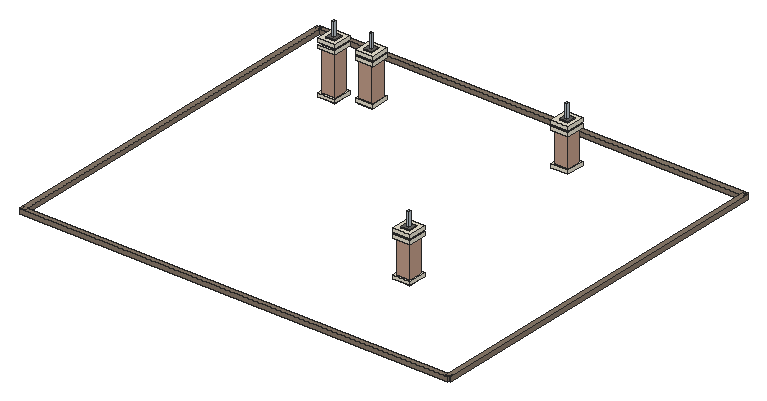
Revit family "AM_Detail_08_Terracotta_roofs_and_chimneys", category Generic Models, Revit 2025
Family settings
  Can host rebar = No
  Round Connector Dimension = Use Diameter
  Part Type = Normal
  Work Plane-Based = No
  Always vertical = Yes
  Cut with Voids When Loaded = No
  Maintain Annotation Orientation = No
  Shared = No
  Room Calculation Point = No
Parameters (values of type "Original geometry")
  Description = "AM v1.0.0 architectural ornament. Editable native extrusion sketches; fixed photographic geometry. Not a structural wall/window/roof substitute."
  Default Elevation = 0 mm
Reference planes
  plane 1 "Center (Front/Back)": y = 0
  plane 2: z = 0
  plane 3 "Center (Left/Right)": x = 0
Forms (mm)
  Extrusion 1, solid, material "AM Aged chestnut timber"
    sketch origin (-7550, -6600, 10150) x (0, 1, 0) y (0, 0, 1)
      loop
        line (0, 0) -> (160, 0) -> (160, 160) -> (0, 160) -> (0, 0)
    from 0 to 15100
  Extrusion 2, solid, material "AM Aged chestnut timber"
    sketch origin (7550, 6599.999, 10150) x (0, -1, 0) y (0, 0, 1)
      loop
        line (0, 0) -> (160, 0) -> (160, 160) -> (0, 160) -> (0, 0)
    from 0 to 15100
  Extrusion 3, solid, material "AM Aged chestnut timber"
    sketch origin (7600, -6550, 10150) x (0, 0, 1) y (1, 0, 0)
      loop
        line (0, 0) -> (0, -160) -> (160.001, -160) -> (160.001, 0) -> (0, 0)
    from 0 to 13100
  Extrusion 4, solid, material "AM Aged chestnut timber"
    sketch origin (-7600, 6550, 10150.001) x (0, 0, -1) y (1, 0, 0)
      loop
        line (0, 0) -> (0, 160) -> (-160, 160) -> (-160, 0) -> (0, 0)
    from 0 to 13100
  Extrusion 5, solid, material "AM Faded terracotta masonry"
    sketch origin (-4230, 2555, 10950) x (1, 0, 0) y (0, 1, 0)
      loop
        line (0, 0) -> (460, 0) -> (460, 490) -> (0, 490) -> (0, 0)
    from 0 to 1850
  Extrusion 6, solid, material "AM Ivory carved stone"
    sketch origin (-4300, 2485, 11009.999) x (1, 0, 0) y (0, 1, 0)
      loop
        line (0, 0) -> (600, 0) -> (600, 630) -> (0, 630) -> (0, 0)
    from 0 to 120.001
  Extrusion 7, solid, material "AM Ivory carved stone"
    sketch origin (-4300, 2485, 12540) x (1, 0, 0) y (0, 1, 0)
      loop
        line (0, 0) -> (600, 0) -> (600, 630) -> (0, 630) -> (0, 0)
    from 0 to 120.001
  Extrusion 8, solid, material "AM Ivory carved stone"
    sketch origin (-4300, 2485, 12740) x (1, 0, 0) y (0, 1, 0)
      loop
        line (0, 0) -> (600, 0) -> (600, 630) -> (0, 630) -> (0, 0)
    from 0 to 120.001
  Extrusion 9, solid, material "AM Interior shadow"
    sketch origin (-4145, 2645, 12861) x (1, 0, 0) y (0, 1, 0)
      loop
        line (0, 0) -> (290, 0) -> (290, 310) -> (0, 310) -> (0, 0)
    from 0 to 28
  Extrusion 10, solid, material "AM Weathered blue grey zinc"
    sketch origin (-3965, 2835, 12900) x (1, 0, 0) y (0, 1, 0)
      loop
        line (0, 0) -> (-70, 0) -> (-70, -70) -> (0, -70) -> (0, 0)
    from 0 to 470.001
  Extrusion 11, solid, material "AM Faded terracotta masonry"
    sketch origin (-3230, 2955, 10950) x (1, 0, 0) y (0, 1, 0)
      loop
        line (0, 0) -> (460, 0) -> (460, 490) -> (0, 490) -> (0, 0)
    from 0 to 1650
  Extrusion 12, solid, material "AM Ivory carved stone"
    sketch origin (-3300, 2885, 11009.999) x (1, 0, 0) y (0, 1, 0)
      loop
        line (0, 0) -> (600, 0) -> (600, 630) -> (0, 630) -> (0, 0)
    from 0 to 120.001
  Extrusion 13, solid, material "AM Ivory carved stone"
    sketch origin (-3300, 2885, 12339.999) x (1, 0, 0) y (0, 1, 0)
      loop
        line (0, 0) -> (600, 0) -> (600, 630) -> (0, 630) -> (0, 0)
    from 0 to 120.001
  Extrusion 14, solid, material "AM Ivory carved stone"
    sketch origin (-3300, 2885, 12540) x (1, 0, 0) y (0, 1, 0)
      loop
        line (0, 0) -> (600, 0) -> (600, 630) -> (0, 630) -> (0, 0)
    from 0 to 120.001
  Extrusion 15, solid, material "AM Interior shadow"
    sketch origin (-3145, 3045, 12661) x (1, 0, 0) y (0, 1, 0)
      loop
        line (0, 0) -> (290, 0) -> (290, 310) -> (0, 310) -> (0, 0)
    from 0 to 28
  Extrusion 16, solid, material "AM Weathered blue grey zinc"
    sketch origin (-2965, 3235, 12699.999) x (1, 0, 0) y (0, 1, 0)
      loop
        line (0, 0) -> (-70, 0) -> (-70, -70) -> (0, -70) -> (0, 0)
    from 0 to 470.001
  Extrusion 17, solid, material "AM Faded terracotta masonry"
    sketch origin (3770, -4145, 10950) x (1, 0, 0) y (0, 1, 0)
      loop
        line (0, 0) -> (460, 0) -> (460, 490) -> (0, 490) -> (0, 0)
    from 0 to 1600
  Extrusion 18, solid, material "AM Ivory carved stone"
    sketch origin (3700, -4215, 11009.999) x (1, 0, 0) y (0, 1, 0)
      loop
        line (0, 0) -> (600, 0) -> (600, 630) -> (0, 630) -> (0, 0)
    from 0 to 120.001
  Extrusion 19, solid, material "AM Ivory carved stone"
    sketch origin (3700, -4215, 12290) x (1, 0, 0) y (0, 1, 0)
      loop
        line (0, 0) -> (600, 0) -> (600, 630) -> (0, 630) -> (0, 0)
    from 0 to 120.001
  Extrusion 20, solid, material "AM Ivory carved stone"
    sketch origin (3700, -4215, 12490) x (1, 0, 0) y (0, 1, 0)
      loop
        line (0, 0) -> (600, 0) -> (600, 630) -> (0, 630) -> (0, 0)
    from 0 to 120.001
  Extrusion 21, solid, material "AM Interior shadow"
    sketch origin (3855, -4055, 12611) x (1, 0, 0) y (0, 1, 0)
      loop
        line (0, 0) -> (290, 0) -> (290, 310) -> (0, 310) -> (0, 0)
    from 0 to 28
  Extrusion 22, solid, material "AM Weathered blue grey zinc"
    sketch origin (4035, -3865, 12650) x (1, 0, 0) y (0, 1, 0)
      loop
        line (0, 0) -> (-70, 0) -> (-70, -70) -> (0, -70) -> (0, 0)
    from 0 to 470.001
  Extrusion 23, solid, material "AM Faded terracotta masonry"
    sketch origin (3270, 3455, 10950) x (1, 0, 0) y (0, 1, 0)
      loop
        line (0, 0) -> (460, 0) -> (460, 490) -> (0, 490) -> (0, 0)
    from 0 to 1500
  Extrusion 24, solid, material "AM Ivory carved stone"
    sketch origin (3200, 3385, 11009.999) x (1, 0, 0) y (0, 1, 0)
      loop
        line (0, 0) -> (600, 0) -> (600, 630) -> (0, 630) -> (0, 0)
    from 0 to 120.001
  Extrusion 25, solid, material "AM Ivory carved stone"
    sketch origin (3200, 3385, 12190) x (1, 0, 0) y (0, 1, 0)
      loop
        line (0, 0) -> (600, 0) -> (600, 630) -> (0, 630) -> (0, 0)
    from 0 to 120.001
  Extrusion 26, solid, material "AM Ivory carved stone"
    sketch origin (3200, 3385, 12389.999) x (1, 0, 0) y (0, 1, 0)
      loop
        line (0, 0) -> (600, 0) -> (600, 630) -> (0, 630) -> (0, 0)
    from 0 to 120.001
  Extrusion 27, solid, material "AM Interior shadow"
    sketch origin (3355, 3545, 12511) x (1, 0, 0) y (0, 1, 0)
      loop
        line (0, 0) -> (290, 0) -> (290, 310) -> (0, 310) -> (0, 0)
    from 0 to 28
  Extrusion 28, solid, material "AM Weathered blue grey zinc"
    sketch origin (3535, 3735, 12549.999) x (1, 0, 0) y (0, 1, 0)
      loop
        line (0, 0) -> (-70, 0) -> (-70, -70) -> (0, -70) -> (0, 0)
    from 0 to 470.001
Dimensions and locks
  aligned and locked: level to plane 2
